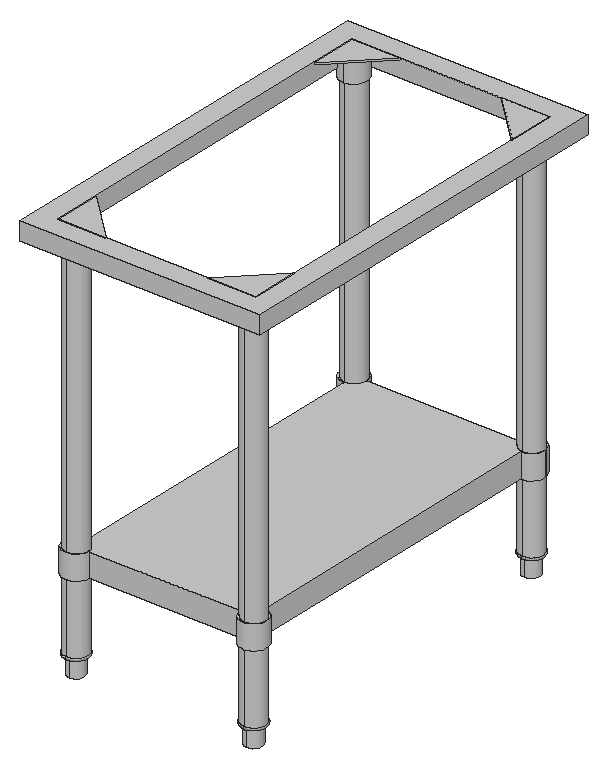
Revit family "QF_COMCATER ALL BRANDS_RCSTD4.201214112615", category Specialty Equipment, Revit 2016
Family settings
  Part Type = Normal
  Round Connector Dimension = Use Diameter
  OmniClass Number = 23.40.40.14
  OmniClass Title = Food Service Equipment
  Work Plane-Based = No
  Always vertical = Yes
  Cut with Voids When Loaded = No
  Shared = No
  Room Calculation Point = No
Parameters (values of type "RCSTD4")
  Weight = 8.00 kg
  URL Cutsheet = ""
  URL = "www.comcater.com.au"
  Status [instance] = ""
  Specification by User [instance] = ""
  Specification by Manufacturer [instance] = ""
  Serial Number = ""
  Seismic Rating = ""
  SMACNA No = ""
  Revision Code [instance] = ""
  NAFEM Spec ID Number = ""
  Model = "RCSTD4"
  Masterspec = ""
  Manufacturer = "TRUEHEAT"
  Length Actual = 400 mm
  Item Number [instance] = ""
  Installed By [instance] = ""
  Identify Quantity as Lot [instance] = no
  Height Actual = 680 mm
  Furnished By [instance] = ""
  Foodservice Equipment Identifier [instance] = no
  Description = "400MM WIDE STANDS"
  Depth Actual = 683 mm
  Cost = 0
  CSI MasterFormat = ""
  Accessory = no
Reference planes
  plane 1 "Center (Front/Back)": y = 0
  plane 2: z = 0
  plane 3 "Center (Left/Right)": x = 0
Dimensions and locks
  aligned and locked: level to plane 2
Nested families
  nested 1: "QF_COMCATER_RCSTD4" at (0, 0, 0), type "RCSTD4"
    with Length Actual 400 mm, Height Actual 680 mm, Depth Actual 683 mm
Definition of nested family "QF_COMCATER_RCSTD4"
  Parameters (values of type "RCSTD4")
    URL = "www.comcater.com.au"
    Model = "RCSTD9"
    Manufacturer = "TRUEHEAT"
    Length Actual [instance] = 400 mm
    Height Actual [instance] = 680 mm
    Description = "WIDE STANDS"
    Depth Actual [instance] = 683 mm
    Assembly Code = "E1090320"
  Reference planes
    plane 1 "Back": y = 0
    plane 2: z = 0
    plane 3 "Left": x = 0
    plane 4 "Right": x = 400
    plane 5 "Front": y = -768
    plane 6 "Top": z = 680
    plane 7 "Stand back": y = -85
    plane 8 "Legs left": x = 52
    plane 9 "Legs right": x = 348
  Forms (mm)
    Extrusion 1, solid
      sketch origin (52, -9, 150) x (1, 0, 0) y (0, 1, 0)
        loop
          line (0, -150) -> (0, -685)
          arc (0, -685) -> (-15.556, -722.556) -> (22, -707) r 22
          line (22, -707) -> (274, -707)
          arc (274, -707) -> (311.556, -722.556) -> (296, -685) r 22
          line (296, -685) -> (296, -150)
          arc (296, -150) -> (311.556, -112.444) -> (274, -128) r 22
          line (274, -128) -> (22, -128)
          arc (22, -128) -> (-15.556, -112.444) -> (0, -150) r 22
        loop
          circle (0, -707) r 19
        loop
          circle (296, -707) r 19
        loop
          circle (296, -128) r 19
        loop
          circle (0, -128) r 19
      from 0 to 40
    Revolve 2, solid
      sketch origin (52, 0, 0) x (0, -1, 0) y (0, 0, 1)
        loop
          line (137, 0) -> (137, 638) -> (118, 638) -> (118, 33)
          arc (118, 33) -> (116.5, 31.5) -> (118, 30) r 1.5
          line (118, 30) -> (123, 30) -> (123, 0) -> (137, 0)
        axis (137, 0) -> (137, 638)
      angle from 0 to 360
    Revolve 3, solid
      sketch origin (52, 0, 0) x (0, -1, 0) y (0, 0, 1)
        loop
          line (716, 0) -> (716, 638) -> (697, 638) -> (697, 33)
          arc (697, 33) -> (695.5, 31.5) -> (697, 30) r 1.5
          line (697, 30) -> (702, 30) -> (702, 0) -> (716, 0)
        axis (716, 0) -> (716, 638)
      angle from 0 to 360
    Extrusion 4, solid
      sketch origin (0, 0, 680) x (0, 1, 0) y (-1, 0, 0)
        loop
          line (-120, -365) -> (-120, -35) -> (-733, -35) -> (-733, -365) -> (-120, -365)
        loop
          line (-85, -400) -> (-85, 0) -> (-768, 0) -> (-768, -400) -> (-85, -400)
      from 0 to -30
    Extrusion 5, solid
      sketch origin (0, 0, 680) x (0, 1, 0) y (-1, 0, 0)
        loop
          line (-120, -35) -> (-200, -35) -> (-120, -115) -> (-120, -35)
        loop
          line (-120, -365) -> (-120, -285) -> (-200, -365) -> (-120, -365)
        loop
          line (-733, -35) -> (-733, -115) -> (-653, -35) -> (-733, -35)
        loop
          line (-733, -365) -> (-653, -365) -> (-733, -285) -> (-733, -365)
      from 0 to -3
    Revolve 6, solid
      sketch origin (348, 0, 0) x (0, -1, 0) y (0, 0, 1)
        loop
          line (137, 0) -> (137, 638) -> (118, 638) -> (118, 33)
          arc (118, 33) -> (116.5, 31.5) -> (118, 30) r 1.5
          line (118, 30) -> (123, 30) -> (123, 0) -> (137, 0)
        axis (137, 0) -> (137, 638)
      angle from 0 to 360
    Revolve 7, solid
      sketch origin (348, 0, 0) x (0, -1, 0) y (0, 0, 1)
        loop
          line (716, 0) -> (716, 638) -> (697, 638) -> (697, 33)
          arc (697, 33) -> (695.5, 31.5) -> (697, 30) r 1.5
          line (697, 30) -> (702, 30) -> (702, 0) -> (716, 0)
        axis (716, 0) -> (716, 638)
      angle from 0 to 360
    Extrusion 8, solid
      sketch origin (0, 100, 680) x (0, 1, 0) y (-1, 0, 0)
        loop
          circle (-816, -52) r 22
        loop
          circle (-816, -348) r 22
        loop
          circle (-237, -348) r 22
        loop
          circle (-237, -52) r 22
      from -3 to -42
  Lines and regions (mm)
    symbolic lines
      curve 1: line (0, -85, 0) -> (400, -85, 0)
      curve 2: line (400, -85, 0) -> (400, -768, 0)
      curve 3: line (400, -768, 0) -> (0, -768, 0)
      curve 4: line (0, -768, 0) -> (0, -85, 0)
  Dimensions and locks
    plane 1 "Back" to plane 5 "Front" = 768 mm
    "Height Actual": plane 6 "Top" to level
    "Length Actual": plane 3 "Left" to plane 4 "Right"
    plane 4 "Right" to plane 3 "Left" = 400 mm
    plane 6 "Top" to level = 680 mm
    "Depth Actual": plane 7 "Stand back" to plane 5 "Front"
    locked: plane 7 "Stand back" to plane 1 "Back" at 85
    locked: plane 3 "Left" to plane 8 "Legs left" at 52
    locked: plane 9 "Legs right" to plane 4 "Right" at 52
    aligned and locked: level to plane 2
  Automatic sketch dimensions
    curve 4 to plane 3 "Left" = 0 mm
    curve 3 to plane 4 "Right" = 0 mm
    curve 3 to plane 5 "Front" = 0 mm
    curve 2 to plane 7 "Stand back" = 0 mm
    Extrusion 1 sketch curve to Extrusion 1 sketch curve = 0 mm  (x8)
    Extrusion 1 sketch curve to plane 8 "Legs left" = 0 mm
    Extrusion 1 sketch curve to plane 9 "Legs right" = 0 mm
    Extrusion 1 sketch curve to Extrusion 1 sketch curve = 22 mm  (x3)
    plane 9 "Legs right" to Extrusion 1 sketch curve = 22 mm
    plane 5 "Front" to Extrusion 1 sketch curve = 52 mm
    Extrusion 1 sketch curve to plane 7 "Stand back" = 74 mm
    Revolve 2 sketch curve to level = 0 mm
    Revolve 2 sketch curve to plane 7 "Stand back" = 33 mm
    Revolve 2 sketch curve to Revolve 2 sketch curve = 5 mm
    Revolve 2 sketch curve to plane 6 "Top" = 42 mm
    Revolve 2 sketch curve to Revolve 2 sketch curve = 19 mm
    level to Revolve 2 sketch curve = 30 mm
    Revolve 2 sketch curve to Revolve 2 sketch curve = 1.5 mm
    Revolve 2 sketch curve to plane 7 "Stand back" = 52 mm
    Revolve 2 sketch curve to Revolve 2 sketch curve = 13 mm
    plane 6 "Top" to Revolve 2 sketch curve = 15 mm
    Revolve 3 sketch curve to level = 0 mm
    level to Revolve 3 sketch curve = 31.5 mm
    plane 5 "Front" to Revolve 3 sketch curve = 71 mm
    Revolve 3 sketch curve to Revolve 3 sketch curve = 5 mm
    Revolve 3 sketch curve to plane 6 "Top" = 42 mm
    Revolve 3 sketch curve to Revolve 3 sketch curve = 19 mm
    Revolve 3 sketch curve to Revolve 3 sketch curve = 1.5 mm
    Revolve 3 sketch curve to Revolve 3 sketch curve = 0 mm
    Revolve 3 sketch curve to Revolve 3 sketch curve = 13 mm
    plane 6 "Top" to Revolve 3 sketch curve = 15 mm
    Extrusion 4 sketch curve to plane 4 "Right" = 0 mm
    Extrusion 4 sketch curve to plane 5 "Front" = 0 mm
    Extrusion 4 sketch curve to plane 7 "Stand back" = 0 mm
    Extrusion 4 sketch curve to plane 3 "Left" = 0 mm
    Extrusion 4 sketch curve to plane 9 "Legs right" = 17 mm
    plane 5 "Front" to Extrusion 4 sketch curve = 35 mm
    Extrusion 4 sketch curve to plane 7 "Stand back" = 35 mm
    plane 8 "Legs left" to Extrusion 4 sketch curve = 17 mm
    plane 8 "Legs left" to Extrusion 5 sketch curve = 17 mm  (x2)
    plane 5 "Front" to Extrusion 5 sketch curve = 35 mm  (x2)
    Extrusion 5 sketch curve to plane 9 "Legs right" = 17 mm  (x2)
    Extrusion 5 sketch curve to Extrusion 5 sketch curve = 80 mm  (x2)
    Extrusion 5 sketch curve to plane 7 "Stand back" = 115 mm  (x2)
    Extrusion 5 sketch curve to plane 7 "Stand back" = 35 mm  (x2)
    plane 9 "Legs right" to Extrusion 5 sketch curve = 63 mm  (x2)
    Extrusion 5 sketch curve to plane 8 "Legs left" = 63 mm  (x2)
    Revolve 6 sketch curve to level = 0 mm
    Revolve 6 sketch curve to plane 7 "Stand back" = 33 mm
    Revolve 6 sketch curve to Revolve 6 sketch curve = 5 mm
    Revolve 6 sketch curve to plane 6 "Top" = 42 mm
    Revolve 6 sketch curve to Revolve 6 sketch curve = 19 mm
    level to Revolve 6 sketch curve = 30 mm
    Revolve 6 sketch curve to Revolve 6 sketch curve = 1.5 mm
    Revolve 6 sketch curve to plane 7 "Stand back" = 52 mm
    Revolve 6 sketch curve to Revolve 6 sketch curve = 13 mm
    plane 6 "Top" to Revolve 6 sketch curve = 15 mm
    Revolve 7 sketch curve to level = 0 mm
    level to Revolve 7 sketch curve = 31.5 mm
    plane 5 "Front" to Revolve 7 sketch curve = 71 mm
    Revolve 7 sketch curve to Revolve 7 sketch curve = 5 mm
    Revolve 7 sketch curve to plane 6 "Top" = 42 mm
    Revolve 7 sketch curve to Revolve 7 sketch curve = 19 mm
    Revolve 7 sketch curve to Revolve 7 sketch curve = 1.5 mm
    Revolve 7 sketch curve to Revolve 7 sketch curve = 0 mm
    Revolve 7 sketch curve to Revolve 7 sketch curve = 13 mm
    plane 6 "Top" to Revolve 7 sketch curve = 15 mm
    Extrusion 8 sketch curve to plane 8 "Legs left" = 0 mm  (x2)
    Extrusion 8 sketch curve to plane 9 "Legs right" = 0 mm  (x2)
    Extrusion 8 sketch curve to plane 7 "Stand back" = 52 mm  (x2)
    plane 5 "Front" to Extrusion 8 sketch curve = 52 mm  (x2)
    radius of Extrusion 1 sketch curve = 19 mm  (x4)
    radius of Extrusion 8 sketch curve = 22 mm  (x4)
